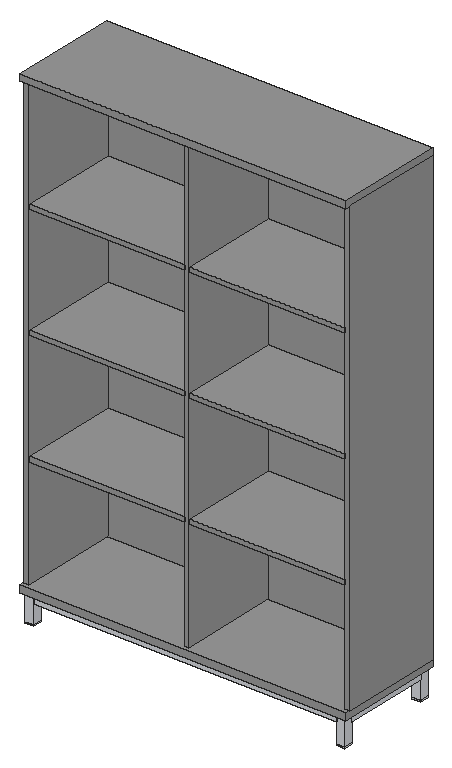
Revit family "Open Fronted Modular Storage With Wooden Door Options", category Furniture, Revit 2019
Family settings
  OmniClass Number = 23.40.20.00
  OmniClass Title = General Furniture and Specialties
  Work Plane-Based = No
  Always vertical = Yes
  Cut with Voids When Loaded = No
  Shared = No
  Room Calculation Point = No
Parameters (values of type "BOF18Z")
  Width = 1200 mm
  URL = "www.gof.co.uk"
  Shelves = Gresham - MIDNIGHT ASH
  Range = "STORAGE"
  Product Data Specification = ""
  Product Code = "BOF18Z"
  Product Brochure = ""
  Model = "BOOKCASE"
  Manufacturer = "Gresham Office Furniture"  # constant formula
  Height = 1816 mm
  HD4 - Level 1 [instance] = no
  HD3 - Level 1 [instance] = no
  HD2 - Level 3 [instance] = no
  HD2 - Level 1 [instance] = no
  HD1 - Level 4 [instance] = no
  HD1 - Level 3 [instance] = no
  HD1 - Level 2 [instance] = no
  HD1 - Level 1 [instance] = no
  Doors = Gresham - PLUM
  Carcass = Gresham - MIDNIGHT ASH VERTICAL
  Depth = 400 mm
  BOF18Z Shelves = yes
  BOF10Z Shelves = yes
  BOF14Z Shelves = yes
Reference planes
  plane 1 "Center (Front/Back)": y = 0
  plane 2: z = 0
  plane 3 "Center (Left/Right)": x = 0
  plane 4: x = -600
  plane 5: x = 600
  plane 6: y = 200
  plane 7 "Front": y = -200
  plane 8 "Storage Top": z = 1816
  plane 9: z = 1803.5
  plane 10 "Door Front": y = -182
  plane 11: z = 112.5
  plane 12: z = 1791
  plane 13: z = 1400
  plane 14: z = 984
  plane 15: z = 959
  plane 16: z = 1375
  plane 17: z = 125
  plane 18: z = 100
Forms (mm)
  Extrusion 1, solid, material "Gresham - MIDNIGHT ASH VERTICAL" <- "Carcass"
    sketch origin (0, -5.525, 5) x (-1, 0, 0) y (0, -1, 0)
      loop
        line (582, -205.525) -> (582, -187.525) -> (-582, -187.525) -> (-582, -205.525) -> (582, -205.525)
    from 120 to 1786
  Extrusion 2, solid, material "Gresham - MIDNIGHT ASH VERTICAL" <- "Carcass"
    sketch origin (0, 0, 0) x (1, 0, 0) y (0, 1, 0)
      loop
        line (-600, 200) -> (-600, -182) -> (-582, -182) -> (-582, 200) -> (-600, 200)
      loop
        line (600, 200) -> (582, 200) -> (582, -182) -> (600, -182) -> (600, 200)
    from 125 to 1791
  Extrusion 3, solid, material "Gresham - MIDNIGHT ASH VERTICAL"
    sketch origin (0, 7, -5) x (0, 1, 0) y (0, 0, 1)
      loop
        line (-207, 1796) -> (193, 1796) -> (193, 1821) -> (-207, 1821) -> (-207, 1796)
    from -600 to 600
  Extrusion 4, solid, material "Gresham - MIDNIGHT ASH VERTICAL" <- "Carcass"
    sketch origin (0, -6.874, 39) x (0, 1, 0) y (0, 0, 1)
      loop
        line (-193.126, 61) -> (206.874, 61) -> (206.874, 86) -> (-193.126, 86) -> (-193.126, 61)
    from -600 to 600
  Extrusion 5, solid, material "Gresham - MIDNIGHT ASH VERTICAL" <- "Carcass"
    sketch origin (-8.088, 0, 0) x (1, 0, 0) y (0, 1, 0)
      loop
        line (17.088, 182) -> (-0.912, 182) -> (-0.912, -182) -> (17.088, -182) -> (17.088, 182)
    from 125 to 1791
  Extrusion 6, solid, material "Gresham - MIDNIGHT ASH" <- "Shelves", visible <- "BOF10Z Shelves"
    sketch origin (0, -6, -27.312) x (0, 1, 0) y (0, 0, -1)
      loop
        line (188, -578.312) -> (188, -560.312) -> (-176, -560.312) -> (-176, -578.312) -> (188, -578.312)
    from -582 to -9
  Extrusion 7, solid, material "Gresham - MIDNIGHT ASH" <- "Shelves", visible <- "BOF10Z Shelves"
    sketch origin (0, -6, -27.312) x (0, 1, 0) y (0, 0, 1)
      loop
        line (188, 578.312) -> (-176, 578.312) -> (-176, 560.312) -> (188, 560.312) -> (188, 578.312)
    from -582 to -9
  Extrusion 8, solid, material "Gresham - MIDNIGHT ASH" <- "Shelves", visible <- "BOF14Z Shelves"
    sketch origin (0, -6, 667.022) x (0, 1, 0) y (0, 0, -1)
      loop
        line (188, -716.978) -> (188, -698.978) -> (-176, -698.978) -> (-176, -716.978) -> (188, -716.978)
    from -582 to -9
  Extrusion 9, solid, material "Gresham - MIDNIGHT ASH" <- "Shelves", visible <- "BOF14Z Shelves"
    sketch origin (0, -6, 667.022) x (0, 1, 0) y (0, 0, 1)
      loop
        line (188, 716.978) -> (-176, 716.978) -> (-176, 698.978) -> (188, 698.978) -> (188, 716.978)
    from -582 to -9
  Extrusion 10, solid, material "Gresham - MIDNIGHT ASH" <- "Shelves", visible <- "BOF14Z Shelves"
    sketch origin (0, -6, 389.188) x (0, 1, 0) y (0, 0, -1)
      loop
        line (188, -578.312) -> (188, -560.312) -> (-176, -560.312) -> (-176, -578.312) -> (188, -578.312)
    from -582 to -9
  Extrusion 11, solid, material "Gresham - MIDNIGHT ASH" <- "Shelves", visible <- "BOF14Z Shelves"
    sketch origin (0, -6, 389.188) x (0, 1, 0) y (0, 0, 1)
      loop
        line (188, 578.312) -> (-176, 578.312) -> (-176, 560.312) -> (188, 560.312) -> (188, 578.312)
    from -582 to -9
Dimensions and locks
  equal spacing: plane 4, plane 3 "Center (Left/Right)", plane 5
  "Width": plane 4 to plane 5
  equal spacing: plane 6, plane 1 "Center (Front/Back)", plane 7 "Front"
  locked: Extrusion 2 to Extrusion 2 at 18  (x2)
  Extrusion 3 sketch curve to Extrusion 3 sketch curve = 25 mm
  "Depth": plane 6 to plane 7 "Front"
  Extrusion 2 to plane 7 "Front" = 18 mm
  "Height": plane 8 "Storage Top" to plane 2
  locked: Extrusion 3 to Extrusion 3 at 25
  locked: Extrusion 1 to Extrusion 1 at 18
  locked: plane 8 "Storage Top" to plane 9 at 12.5
  equal spacing: Extrusion 5, plane 3 "Center (Left/Right)", Extrusion 5
  locked: Extrusion 5 to Extrusion 5 at 18
  locked: plane 10 "Door Front" to plane 7 "Front" at 18
  Extrusion 4 sketch curve to Extrusion 4 sketch curve = 25 mm
  equal spacing: Extrusion 4, plane 11, Extrusion 4
  locked: Extrusion 4 to Extrusion 4 at 25
  locked: plane 11 to level at 112.5
  locked: plane 8 "Storage Top" to plane 12 at 25
  plane 12 to plane 11 = 1678.5 mm  (x2)
  locked: plane 13 to level at 1400
  locked: plane 14 to level at 984
  locked: plane 14 to plane 15 at 25
  locked: plane 13 to plane 16 at 25
  locked: plane 17 to plane 18 at 25
  locked: Extrusion 6 to Extrusion 6 at 18  (x2)
  locked: Extrusion 7 to Extrusion 7 at 18  (x2)
  locked: Extrusion 8 to Extrusion 8 at 18  (x2)
  locked: Extrusion 9 to Extrusion 9 at 18  (x2)
  locked: Extrusion 10 to Extrusion 10 at 18  (x2)
  locked: Extrusion 11 to Extrusion 11 at 18  (x2)
  plane 12 to nested 7 = 4 mm
  aligned and locked: level to plane 2
  aligned and locked: Extrusion 2 to plane 5
  aligned and locked: Extrusion 2 to plane 4
  aligned and locked: Extrusion 2 to Extrusion 1
  aligned and locked: Extrusion 1 to Extrusion 2  (x3)
  aligned and locked: Extrusion 3 to plane 5
  aligned and locked: Extrusion 3 to plane 4
  aligned and locked: Extrusion 2 to Extrusion 3
  aligned and locked: Extrusion 3 to plane 7 "Front"
  aligned and locked: plane 8 "Storage Top" to Extrusion 3
  aligned and locked: plane 6 to Extrusion 3
  aligned and locked: plane 6 to Extrusion 2  (x2)
  aligned and locked: plane 6 to Extrusion 1
  aligned and locked: plane 6 to Extrusion 4
  aligned and locked: Extrusion 5 sketch curve to Extrusion 1
  aligned and locked: Extrusion 1 to Extrusion 5  (x2)
  aligned and locked: Extrusion 4 to plane 7 "Front"
Automatic sketch dimensions
  Extrusion 1 sketch curve to plane 6 = 0 mm
  plane 5 to Extrusion 1 sketch curve = 18 mm
  plane 4 to Extrusion 1 sketch curve = 18 mm
  Extrusion 1 sketch curve to Extrusion 1 sketch curve = 18 mm
  Extrusion 2 sketch curve to plane 4 = 0 mm
  Extrusion 2 sketch curve to plane 6 = 0 mm  (x2)
  plane 10 "Door Front" to Extrusion 2 sketch curve = 0 mm  (x2)
  Extrusion 2 sketch curve to plane 5 = 0 mm
  plane 4 to Extrusion 2 sketch curve = 18 mm
  plane 5 to Extrusion 2 sketch curve = 18 mm
  Extrusion 3 sketch curve to plane 7 "Front" = 0 mm
  Extrusion 3 sketch curve to plane 6 = 0 mm
  Extrusion 3 sketch curve to plane 12 = 0 mm
  Extrusion 4 sketch curve to plane 7 "Front" = 0 mm
  Extrusion 4 sketch curve to plane 6 = 0 mm
  Extrusion 4 sketch curve to plane 18 = 0 mm
  plane 10 "Door Front" to Extrusion 5 sketch curve = 0 mm
  Extrusion 5 sketch curve to plane 3 "Center (Left/Right)" = 9 mm
  plane 3 "Center (Left/Right)" to Extrusion 5 sketch curve = 9 mm
  Extrusion 6 sketch curve to plane 10 "Door Front" = 0 mm
  Extrusion 6 sketch curve to plane 6 = 18 mm
  Extrusion 6 sketch curve to plane 15 = 408 mm
  Extrusion 6 sketch curve to Extrusion 6 sketch curve = 18 mm
  Extrusion 7 sketch curve to plane 10 "Door Front" = 0 mm
  Extrusion 7 sketch curve to plane 6 = 18 mm
  plane 17 to Extrusion 7 sketch curve = 408 mm
  Extrusion 7 sketch curve to Extrusion 7 sketch curve = 18 mm
  Extrusion 8 sketch curve to plane 10 "Door Front" = 0 mm
  Extrusion 8 sketch curve to plane 6 = 18 mm
  Extrusion 8 sketch curve to plane 16 = 9 mm
  plane 16 to Extrusion 8 sketch curve = 9 mm
  Extrusion 9 sketch curve to plane 10 "Door Front" = 0 mm
  Extrusion 9 sketch curve to plane 6 = 18 mm
  plane 16 to Extrusion 9 sketch curve = 9 mm
  Extrusion 9 sketch curve to plane 16 = 9 mm
  Extrusion 10 sketch curve to plane 10 "Door Front" = 0 mm
  Extrusion 10 sketch curve to plane 6 = 18 mm
  plane 15 to Extrusion 10 sketch curve = 8.5 mm
  Extrusion 10 sketch curve to plane 15 = 9.5 mm
  Extrusion 11 sketch curve to plane 10 "Door Front" = 0 mm
  Extrusion 11 sketch curve to plane 6 = 18 mm
  Extrusion 11 sketch curve to plane 15 = 9.5 mm
  plane 15 to Extrusion 11 sketch curve = 8.5 mm
Nested families
  nested 1: "Modular Storage Frame" at (0, 0, 0), type "Modular Storage Frame"
  nested 2: "Hinged Locking Wooden Doors - HD1 - Level 1" at (0, 0, 0), visible <- "HD1 - Level 1", type "Hinged Locking Wooden Doors - HD1 - Level 1"
    with Handle Type D no, Handle Type C yes
  nested 3: "Hinged Locking Wooden Doors - HD1 - Level 3" at (0, 0, 0), type "Hinged Locking Wooden Doors - HD1 - Level 3", not visible
    with Handle Type D no, Handle Type C no, Handle Type B no
  nested 4: "Hinged Locking Wooden Doors - HD1 - Level 2" at (0, 0, 0), visible <- "HD1 - Level 2", type "Hinged Locking Wooden Doors - HD1 - Level 2"
    with Handle Type D no, Handle Type C yes, Handle Type B no
  nested 5: "Hinged Locking Wooden Doors - HD1 - Level 4" at (0, 0, 0), visible <- "HD1 - Level 4", type "Hinged Locking Wooden Doors - HD1 - Level 4"
    with Handle Type D no, Handle Type C yes, Handle Type B no
  nested 6: "Hinged Locking Wooden Doors - HD1 - Level 3" at (0, 0, 0), visible <- "HD1 - Level 3", type "Hinged Locking Wooden Doors - HD1 - Level 3"
    with Handle Type D no, Handle Type C yes, Handle Type B no
  nested 7: "Hinged Locking Wooden Doors - HD2 - Level 3" at (0, 0, 0), visible <- "HD2 - Level 3", type "Hinged Locking Wooden Doors - HD2 - Level 3"
    with Handle Type D no, Handle Type C yes, Handle Type B no
  nested 8: "Hinged Locking Wooden Doors - HD2 - Level 1" at (0, 0, 0), visible <- "HD2 - Level 1", type "Hinged Locking Wooden Doors - HD2 - Level 1"
  nested 9: "Hinged Locking Wooden Doors - HD3 - Level 1" at (0, 0, 0), visible <- "HD3 - Level 1", type "Hinged Locking Wooden Doors - HD3 - Level 1"
    with Handle Type D no, Handle Type C yes, Handle Type B no
  nested 10: "Hinged Locking Wooden Doors - HD4 - Level 1" at (0, 0, 0), visible <- "HD4 - Level 1", type "Hinged Locking Wooden Doors - HD4 - Level 1"
Definition of nested family "Modular Storage Frame"
  Parameters (values of type "Modular Storage Frame")
    Width = 1180 mm
    URL = "www.gof.co.uk"
    Frame = none
    Range = "STORAGE"
    Product Data Specification = ""
    Product Code = ""
    Product Brochure = ""
    Model = "MODULAR STORAGE"
    Manufacturer = "Gresham Office Furniture"  # constant formula
    Foot = none
    Depth = 380 mm
  Reference planes
    plane 1 "Center (Front/Back)": y = 0
    plane 2: z = 0
    plane 3 "Center (Left/Right)": x = 0
    plane 4: x = -590
    plane 5: x = 590
    plane 6: y = 190
    plane 7: y = -190
  Forms (mm)
    Extrusion 1, solid, material <- "Frame"
      sketch origin (76, -5.525, 0) x (-1, 0, 0) y (0, -1, 0)
        loop
          line (634, -195.525) -> (634, -170.525) -> (-482, -170.525) -> (-482, -195.525) -> (634, -195.525)
        loop
          line (634, 184.475) -> (-482, 184.475) -> (-482, 159.475) -> (634, 159.475) -> (634, 184.475)
        loop
          line (-514, -163.525) -> (-489, -163.525) -> (-489, 152.475) -> (-514, 152.475) -> (-514, -163.525)
        loop
          line (666, -163.525) -> (666, 152.475) -> (641, 152.475) -> (641, -163.525) -> (666, -163.525)
      from 75 to 100
    Extrusion 2, solid, material <- "Frame"
      sketch origin (0, 0, 0) x (1, 0, 0) y (0, 1, 0)
        loop
          line (590, -190) -> (590, -158) -> (558, -158) -> (558, -190) -> (590, -190)
        loop
          line (590, 190) -> (558, 190) -> (558, 158) -> (590, 158) -> (590, 190)
        loop
          line (-590, -190) -> (-558, -190) -> (-558, -158) -> (-590, -158) -> (-590, -190)
        loop
          line (-590, 190) -> (-590, 158) -> (-558, 158) -> (-558, 190) -> (-590, 190)
      from 5 to 100
    Extrusion 3, solid, material <- "Foot"
      sketch origin (0, 0, 0) x (1, 0, 0) y (0, 1, 0)
        loop
          line (590, 190) -> (558, 190) -> (558, 158) -> (590, 158) -> (590, 190)
        loop
          line (590, -158) -> (558, -158) -> (558, -190) -> (590, -190) -> (590, -158)
        loop
          line (-590, -190) -> (-558, -190) -> (-558, -158) -> (-590, -158) -> (-590, -190)
        loop
          line (-590, 190) -> (-590, 158) -> (-558, 158) -> (-558, 190) -> (-590, 190)
      from 0 to 5
  Dimensions and locks
    equal spacing: plane 4, plane 3 "Center (Left/Right)", plane 5
    "Width": plane 4 to plane 5
    equal spacing: plane 6, plane 1 "Center (Front/Back)", plane 7
    "Depth": plane 6 to plane 7
    Extrusion 2 sketch curve to Extrusion 2 sketch curve = 32 mm  (x7)
    locked: Extrusion 1 to Extrusion 1 at 25
    locked: Extrusion 2 to plane 5 at 32  (x2)
    locked: Extrusion 2 to Extrusion 2 at 32
    locked: plane 6 to Extrusion 2 at 32  (x2)
    locked: plane 4 to Extrusion 2 at 32  (x2)
    locked: Extrusion 2 to plane 7 at 32
    locked: Extrusion 1 to plane 5 at 25
    locked: plane 4 to Extrusion 1 at 25
    Extrusion 1 to plane 2 = 100 mm
    aligned and locked: level to plane 2
    aligned and locked: Extrusion 2 to Extrusion 1
    aligned and locked: plane 6 to Extrusion 1
    aligned and locked: Extrusion 1 sketch curve to Extrusion 2
    aligned and locked: Extrusion 2 to Extrusion 1 sketch curve
  Automatic sketch dimensions
    Extrusion 1 sketch curve to plane 5 = 0 mm
    Extrusion 1 sketch curve to plane 7 = 0 mm
    Extrusion 1 sketch curve to plane 4 = 0 mm
    Extrusion 1 sketch curve to plane 6 = 0 mm
    Extrusion 1 sketch curve to Extrusion 1 sketch curve = 7 mm  (x5)
    plane 4 to Extrusion 1 sketch curve = 32 mm
    Extrusion 1 sketch curve to Extrusion 1 sketch curve = 25 mm  (x2)
    plane 7 to Extrusion 1 sketch curve = 32 mm  (x2)
    Extrusion 3 sketch curve to plane 4 = 0 mm  (x2)
    Extrusion 3 sketch curve to plane 7 = 0 mm  (x2)
    Extrusion 3 sketch curve to plane 6 = 0 mm  (x2)
    Extrusion 3 sketch curve to plane 5 = 0 mm  (x2)
    Extrusion 3 sketch curve to Extrusion 3 sketch curve = 32 mm  (x5)
    plane 7 to Extrusion 3 sketch curve = 32 mm
    Extrusion 3 sketch curve to plane 6 = 32 mm  (x2)
    Extrusion 2 sketch curve to plane 4 = 0 mm  (x2)
    Extrusion 2 sketch curve to plane 6 = 0 mm  (x2)
    Extrusion 2 sketch curve to plane 7 = 0 mm  (x2)
    Extrusion 2 sketch curve to plane 5 = 0 mm  (x2)
    Extrusion 2 sketch curve to Extrusion 2 sketch curve = 32 mm
Definition of nested family "Hinged Locking Wooden Doors - HD1 - Level 1"
  Parameters (values of type "Hinged Locking Wooden Doors - HD1 - Level 1")
    Width = 1200 mm
    URL = "www.gof.co.uk"
    Shelves = none
    Range = "STORAGE"
    Product Data Specification = ""
    Product Code = "HD1"
    Product Brochure = ""
    Model = "BOOKCASE"
    Manufacturer = "Gresham Office Furniture"  # constant formula
    Height = 1816 mm
    Handle Type D [instance] = no
    Handle Type C [instance] = yes
    Handle Type B [instance] = no
    HD1 - Lock = yes
    Doors = none
    Carcass = none
    Depth = 400 mm
  Reference planes
    plane 1 "Center (Front/Back)": y = 0
    plane 2: z = 0
    plane 3 "Center (Left/Right)": x = 0
    plane 4: x = -600
    plane 5: x = 600
    plane 6: y = 200
    plane 7 "Front": y = -200
    plane 8 "Storage Top": z = 1816
    plane 9: z = 1803.5
    plane 10 "Door Front": y = -182
    plane 11: z = 112.5
    plane 12: z = 1791
    plane 13: z = 1400
    plane 14: z = 984
    plane 15: z = 959
    plane 16: z = 1375
    plane 17: z = 125
    plane 18: z = 100
  Forms (mm)
    Extrusion 1, solid, material <- "Doors", visible <- "HD1 - Lock"
      sketch origin (-839.743, -182, 703.9) x (1, 0, 0) y (0, 0, 1)
        loop
          line (840.743, -575.4) -> (1439.743, -575.4) -> (1439.743, -163.4) -> (840.743, -163.4) -> (840.743, -575.4)
      from 0 to 18
    Extrusion 2, solid, visible <- "HD1 - Lock"
      sketch origin (0, 0, 0) x (-1, 0, 0) y (0, 0, -1)
        loop
          circle (-43, -457) r 10
      from 200 to 202
    Extrusion 3, solid, material <- "Doors", visible <- "HD1 - Lock"
      sketch origin (839.743, -182, 703.9) x (-1, 0, 0) y (0, 0, -1)
        loop
          line (840.743, 575.4) -> (840.743, 163.4) -> (1439.743, 163.4) -> (1439.743, 575.4) -> (840.743, 575.4)
      from 0 to 18
    Extrusion 4, solid, visible <- "HD1 - Lock"
      sketch origin (0, 0, 0) x (1, 0, 0) y (0, 0, 1)
        loop
          circle (-43, 457) r 10
      from 200 to 202
  Dimensions and locks
    equal spacing: plane 4, plane 3 "Center (Left/Right)", plane 5
    "Width": plane 4 to plane 5
    equal spacing: plane 6, plane 1 "Center (Front/Back)", plane 7 "Front"
    "Depth": plane 6 to plane 7 "Front"
    "Height": plane 8 "Storage Top" to plane 2
    locked: plane 8 "Storage Top" to plane 9 at 12.5
    locked: plane 10 "Door Front" to plane 7 "Front" at 18
    locked: plane 11 to level at 112.5
    locked: plane 8 "Storage Top" to plane 12 at 25
    plane 12 to plane 11 = 1678.5 mm  (x2)
    locked: plane 13 to level at 1400
    locked: plane 14 to level at 984
    locked: plane 14 to plane 15 at 25
    locked: plane 13 to plane 16 at 25
    locked: plane 17 to plane 18 at 25
    locked: Extrusion 1 to Extrusion 1 at 412
    locked: Extrusion 1 to Extrusion 1 at 18
    locked: Extrusion 1 sketch curve to plane 3 "Center (Left/Right)" at 1
    locked: Extrusion 1 to nested 1 at 83.5
    locked: Extrusion 1 to nested 2 at 99
    locked: Extrusion 1 to nested 2 at 83.5
    locked: Extrusion 1 to nested 1 at 99
    locked: Extrusion 1 to nested 3 at 83.5
    locked: Extrusion 1 to nested 3 at 99
    locked: Extrusion 3 to Extrusion 3 at 412
    locked: Extrusion 3 to Extrusion 3 at 18
    locked: Extrusion 3 to nested 3 at 83.5
    locked: Extrusion 3 to nested 6 at 99
    locked: Extrusion 3 to nested 6 at 83.5
    locked: Extrusion 3 to nested 4 at 83.5
    locked: Extrusion 3 to nested 4 at 99
    locked: Extrusion 3 to nested 5 at 83.5
    locked: Extrusion 3 to nested 5 at 99
    locked: Extrusion 1 to plane 17 at 3.5
    aligned and locked: level to plane 2
    aligned and locked: Extrusion 2 sketch curve to nested 1
    aligned and locked: nested 6 to Extrusion 4 sketch curve
  Automatic sketch dimensions
    plane 5 to Extrusion 1 sketch curve = 0 mm
    plane 17 to Extrusion 1 sketch curve = 3.5 mm
    Extrusion 1 sketch curve to Extrusion 1 sketch curve = 412 mm
    Extrusion 2 sketch curve to plane 3 "Center (Left/Right)" = 43 mm
    Extrusion 3 sketch curve to plane 4 = 0 mm
    Extrusion 3 sketch curve to plane 3 "Center (Left/Right)" = 1 mm
    plane 17 to Extrusion 3 sketch curve = 415.5 mm
    plane 17 to Extrusion 3 sketch curve = 3.5 mm
    Extrusion 4 sketch curve to plane 3 "Center (Left/Right)" = 43 mm
    radius of Extrusion 2 sketch curve = 10 mm
    radius of Extrusion 4 sketch curve = 10 mm
  Nested families
    nested 1: "Handle Type C-1" at (175, -200, -524.138) x (-1, 0, 0) z (0, 0, 1), visible <- "Handle Type C", type "Handle Type C-1"
    nested 2: "Handle Type B-1" at (175, -200, -537.578) x (-1, 0, 0) z (0, 0, 1), visible <- "Handle Type B", type "Handle Type B-1"
    nested 3: "Handle Type D-1" at (175, -200, -537.578) x (-1, 0, 0) z (0, 0, 1), visible <- "Handle Type D", type "Handle Type D-1"
    nested 4: "Handle Type C-1" at (-175, -200, -524.138), visible <- "Handle Type C", type "Handle Type C-1"
    nested 5: "Handle Type B-1" at (-175, -200, -537.578), visible <- "Handle Type B", type "Handle Type B-1"
    nested 6: "Handle Type D-1" at (-175, -200, -537.578), visible <- "Handle Type D", type "Handle Type D-1"
  Definition of nested family "Handle Type C-1"
    Parameters (values of type "Handle Type C-1")
      URL = "www.gof.co.uk"
      Type Comments = ""
      Range = "STORAGE"
      Handle Type C = none
      Product Code = "Handle Type C"
      Model = ""
      Manufacturer = "Gresham Office Furniture"  # constant formula
      Assembly Code = "E2020200"
    Reference planes
      plane 1 "Center (Front/Back)": y = 0
      plane 2: z = 0
      plane 3 "Center (Left/Right)": x = 0
      plane 4: x = -475
      plane 5: x = 475
      plane 6 "Storage Top": z = 2007
      plane 7: y = 260
      plane 8: y = -260
    Forms (mm)
      Extrusion 1, void
        sketch origin (981.138, 0, 981.138) x (0, 1, 0) y (-1, 0, 0)
          loop
            line (0, 1072) -> (0, 884.5) -> (27.401, 884.5) -> (27.401, 1072) -> (0, 1072)
        from -12.204 to 11.22
      Sweep 2, solid, material <- "Handle Type C"
        path in 3D
          loop
            arc (-78.75, 3.75, 981.138) -> (0, -30, 981.138) -> (78.75, 3.75, 981.138) r 108.75
        profile origin (0, -30, 981.138) x (0, 1, 0) y (0, 0, 1)
          loop
            circle (0, 0) r 5
    Cuts and joins
      Extrusion 1 cuts Sweep 2
    Lines and regions (mm)
      model lines, detail levels coarse+medium
        curve 1: line (68, 0, 981.138) -> (-68, 0, 981.138)
      model lines, not visible, detail levels coarse+medium
        curve 2: line (0, 0, 986.138) -> (0, 0, 976.138)
      model lines, not visible
        curve 3: line (0, 0, 981.138) -> (0, -30, 981.138)
        curve 5: line (-75, 0, 976.138) -> (-75, 0, 986.138)
        curve 6: line (75, 0, 986.138) -> (75, 0, 976.138)
      sketch lines
        curve 4: arc (-78.75, 3.75, 981.138) -> (0, -30, 981.138) -> (78.75, 3.75, 981.138) r 108.75
    Dimensions and locks
      equal spacing: plane 4, plane 3 "Center (Left/Right)", plane 5
      locked: plane 4 to plane 5 at 950
      equal spacing: plane 7, plane 1 "Center (Front/Back)", plane 8
      locked: plane 7 to plane 8 at 520
      aligned and locked: level to plane 2
    Automatic sketch dimensions
      curve 3 to plane 1 "Center (Front/Back)" = 0 mm
      plane 1 "Center (Front/Back)" to curve 3 = 30 mm
      curve 2 to plane 3 "Center (Left/Right)" = 0 mm
      level to curve 2 = 976.138 mm
      curve 1 to plane 3 "Center (Left/Right)" = 68 mm
      curve 5 to curve 1 = 7 mm
      plane 3 "Center (Left/Right)" to curve 1 = 68 mm
      curve 1 to curve 6 = 7 mm
      curve 6 to curve 2 = 0 mm
      curve 5 to curve 2 = 0 mm
      curve 5 to curve 1 = 5 mm
      curve 1 to curve 6 = 5 mm
      curve 1 to curve 5 = 5 mm
      curve 2 to curve 2 = 10 mm
      plane 1 "Center (Front/Back)" to Extrusion 1 sketch curve = 0 mm
      Extrusion 1 sketch curve to plane 1 "Center (Front/Back)" = 27.401 mm
      plane 3 "Center (Left/Right)" to Extrusion 1 sketch curve = 96.638 mm
      Extrusion 1 sketch curve to plane 3 "Center (Left/Right)" = 90.862 mm
      Sweep 2 sketch curve to profile plane = 0 mm  (x2)
      level to curve 3 = 981.138 mm
      radius of Sweep 2 sketch curve = 5 mm
  Definition of nested family "Handle Type B-1"
    Parameters (values of type "Handle Type B-1")
      URL = "www.gof.co.uk"
      Type Comments = ""
      Range = "STORAGE"
      Handle Type B = none
      Product Code = "Handle Type B"
      Model = ""
      Manufacturer = "Gresham Office Furniture"  # constant formula
      Assembly Code = "E2020200"
    Reference planes
      plane 1 "Center (Front/Back)": y = 0
      plane 2: z = 0
      plane 3 "Center (Left/Right)": x = 0
      plane 4: x = -475
      plane 5: x = 475
      plane 6: y = 260
      plane 7: y = -260
    Forms (mm)
      Extrusion 1, void
        sketch origin (872.923, -128.373, 994.578) x (0, 1, 0) y (-1, 0, 0)
          loop
            line (71.667, 873.923) -> (71.667, 872.291) -> (97.075, 872.291) -> (97.075, 873.923) -> (71.667, 873.923)
        from -6 to 6
      Extrusion 2, solid
        sketch origin (988.138, 0, 994.578) x (0, 0, 1) y (-1, 0, 0)
          loop
            circle (0, 1063.138) r 4
          loop
            circle (0, 913.138) r 4
        from 0 to 10.354
      Sweep 3, solid
        path in 3D
          loop
            arc (-85, -5, 994.578) -> (0, -30, 994.578) -> (85, -5, 994.578) r 157
        profile origin (0, -30, 994.578) x (0, 1, 0) y (0, 0, 1)
          loop
            spline (0, 7.5) -> (-0.776, 7.244) -> (-1.5, 6.495) -> (-2.121, 5.303) -> (-2.598, 3.75) -> (-2.898, 1.941) -> (-3, 0) -> (-2.898, -1.941) -> (-2.598, -3.75) -> (-2.121, -5.303) -> (-1.5, -6.495) -> (-0.776, -7.244) -> (0, -7.5)
            spline (0, -7.5) -> (0.776, -7.244) -> (1.5, -6.495) -> (2.121, -5.303) -> (2.598, -3.75) -> (2.898, -1.941) -> (3, 0) -> (2.898, 1.941) -> (2.598, 3.75) -> (2.121, 5.303) -> (1.5, 6.495) -> (0.776, 7.244) -> (0, 7.5)
      Extrusion 4, void
        sketch origin (867.923, -128.373, 994.578) x (0, 1, 0) y (-1, 0, 0)
          loop
            line (71.667, 873.923) -> (71.667, 872.291) -> (97.075, 872.291) -> (97.075, 873.923) -> (71.667, 873.923)
        from -6 to 6
      Extrusion 5, void
        sketch origin (862.923, -128.373, 994.578) x (0, 1, 0) y (-1, 0, 0)
          loop
            line (71.667, 873.923) -> (71.667, 872.291) -> (98.373, 872.291) -> (98.373, 873.923) -> (71.667, 873.923)
        from -6 to 6
      Extrusion 6, void
        sketch origin (857.923, -128.373, 994.578) x (0, 1, 0) y (-1, 0, 0)
          loop
            line (71.667, 873.923) -> (71.667, 872.291) -> (98.373, 872.291) -> (98.373, 873.923) -> (71.667, 873.923)
        from -6 to 6
      Extrusion 7, void
        sketch origin (852.923, -128.373, 994.578) x (0, 1, 0) y (-1, 0, 0)
          loop
            line (71.667, 873.923) -> (71.667, 872.291) -> (98.842, 872.291) -> (98.842, 873.923) -> (71.667, 873.923)
        from -6 to 6
      Extrusion 8, void
        sketch origin (847.923, -128.373, 994.578) x (0, 1, 0) y (-1, 0, 0)
          loop
            line (71.667, 873.923) -> (71.667, 872.291) -> (99.385, 872.291) -> (99.385, 873.923) -> (71.667, 873.923)
        from -6 to 6
      Extrusion 9, void
        sketch origin (842.923, -128.373, 994.578) x (0, 1, 0) y (-1, 0, 0)
          loop
            line (71.667, 873.923) -> (71.667, 872.291) -> (100.2, 872.291) -> (100.2, 873.923) -> (71.667, 873.923)
        from -6 to 6
      Extrusion 10, void
        sketch origin (837.923, -128.373, 994.578) x (0, 1, 0) y (-1, 0, 0)
          loop
            line (71.667, 873.923) -> (71.667, 872.291) -> (100.984, 872.291) -> (100.984, 873.923) -> (71.667, 873.923)
        from -6 to 6
      Extrusion 11, void
        sketch origin (832.923, -128.373, 994.578) x (0, 1, 0) y (-1, 0, 0)
          loop
            line (71.667, 873.923) -> (71.667, 872.291) -> (102.35, 872.291) -> (102.35, 873.923) -> (71.667, 873.923)
        from -6 to 6
      Extrusion 12, void
        sketch origin (-867.923, -128.373, 994.578) x (0, 1, 0) y (-1, 0, 0)
          loop
            line (71.667, -873.923) -> (97.075, -873.923) -> (97.075, -872.291) -> (71.667, -872.291) -> (71.667, -873.923)
        from -6 to 6
      Extrusion 13, void
        sketch origin (-862.923, -128.373, 994.578) x (0, 1, 0) y (-1, 0, 0)
          loop
            line (71.667, -873.923) -> (98.373, -873.923) -> (98.373, -872.291) -> (71.667, -872.291) -> (71.667, -873.923)
        from -6 to 6
      Extrusion 14, void
        sketch origin (-857.923, -128.373, 994.578) x (0, 1, 0) y (-1, 0, 0)
          loop
            line (71.667, -873.923) -> (98.373, -873.923) -> (98.373, -872.291) -> (71.667, -872.291) -> (71.667, -873.923)
        from -6 to 6
      Extrusion 15, void
        sketch origin (-852.923, -128.373, 994.578) x (0, 1, 0) y (-1, 0, 0)
          loop
            line (71.667, -873.923) -> (98.842, -873.923) -> (98.842, -872.291) -> (71.667, -872.291) -> (71.667, -873.923)
        from -6 to 6
      Extrusion 16, void
        sketch origin (-847.923, -128.373, 994.578) x (0, 1, 0) y (-1, 0, 0)
          loop
            line (71.667, -873.923) -> (99.385, -873.923) -> (99.385, -872.291) -> (71.667, -872.291) -> (71.667, -873.923)
        from -6 to 6
      Extrusion 17, void
        sketch origin (-842.923, -128.373, 994.578) x (0, 1, 0) y (-1, 0, 0)
          loop
            line (71.667, -873.923) -> (100.2, -873.923) -> (100.2, -872.291) -> (71.667, -872.291) -> (71.667, -873.923)
        from -6 to 6
      Extrusion 18, void
        sketch origin (-837.923, -128.373, 994.578) x (0, 1, 0) y (-1, 0, 0)
          loop
            line (71.667, -873.923) -> (100.984, -873.923) -> (100.984, -872.291) -> (71.667, -872.291) -> (71.667, -873.923)
        from -6 to 6
      Extrusion 19, void
        sketch origin (-832.923, -128.373, 994.578) x (0, 1, 0) y (-1, 0, 0)
          loop
            line (71.667, -873.923) -> (102.35, -873.923) -> (102.35, -872.291) -> (71.667, -872.291) -> (71.667, -873.923)
        from -6 to 6
    Cuts and joins
      Extrusion 1, Extrusion 4, Extrusion 5, Extrusion 6, Extrusion 7, Extrusion 8, Extrusion 9, Extrusion 10, Extrusion 11, Extrusion 12, Extrusion 13, Extrusion 14, Extrusion 15, Extrusion 16, Extrusion 17, Extrusion 18, Extrusion 19 cuts Sweep 3
    Lines and regions (mm)
      model lines, not visible, detail levels coarse+medium
        curve 1: line (75, 0, 999.578) -> (75, 0, 989.578)
      model lines, not visible
        curve 2: line (-75, 0, 999.578) -> (-75, 0, 989.578)
        curve 4: line (0, 0, 994.578) -> (0, -30, 994.578)
        curve 6: line (0, 0, 999.578) -> (0, 0, 989.578)
      model lines
        curve 3: line (-75, 0, 994.578) -> (75, 0, 994.578)
      sketch lines
        curve 5: arc (-85, -5, 994.578) -> (0, -30, 994.578) -> (85, -5, 994.578) r 157
    Dimensions and locks
      equal spacing: plane 4, plane 3 "Center (Left/Right)", plane 5
      locked: plane 4 to plane 5 at 950
      equal spacing: plane 6, plane 1 "Center (Front/Back)", plane 7
      locked: plane 6 to plane 7 at 520
      aligned and locked: level to plane 2
    Automatic sketch dimensions
      curve 4 to curve 4 = 30 mm
      curve 6 to plane 3 "Center (Left/Right)" = 0 mm
      plane 3 "Center (Left/Right)" to curve 1 = 75 mm
      level to curve 1 = 989.578 mm
      curve 3 to plane 3 "Center (Left/Right)" = 75 mm
      curve 2 to curve 1 = 0 mm
      curve 6 to curve 1 = 0 mm
      curve 2 to curve 3 = 5 mm
      curve 6 to curve 6 = 10 mm
      curve 3 to curve 2 = 5 mm
      curve 3 to curve 1 = 5 mm
      plane 3 "Center (Left/Right)" to Extrusion 1 sketch curve = 0.632 mm
      plane 1 "Center (Front/Back)" to Extrusion 1 sketch curve = 56.707 mm
      Extrusion 1 sketch curve to Extrusion 1 sketch curve = 25.409 mm
      Extrusion 1 sketch curve to plane 3 "Center (Left/Right)" = 1 mm
      plane 3 "Center (Left/Right)" to Extrusion 2 sketch curve = 75 mm
      level to Extrusion 2 sketch curve = 994.578 mm
      Extrusion 2 sketch curve to plane 3 "Center (Left/Right)" = 75 mm
      Extrusion 2 sketch curve to Extrusion 2 sketch curve = 0 mm
      Sweep 3 sketch curve to profile plane = 0 mm  (x2)
      Sweep 3 sketch curve to Sweep 3 sketch curve = 7.5 mm
      Extrusion 4 sketch curve to plane 3 "Center (Left/Right)" = 4.368 mm
      plane 1 "Center (Front/Back)" to Extrusion 4 sketch curve = 56.707 mm
      Extrusion 4 sketch curve to Extrusion 4 sketch curve = 25.409 mm
      Extrusion 4 sketch curve to Extrusion 4 sketch curve = 1.632 mm
      Extrusion 5 sketch curve to plane 3 "Center (Left/Right)" = 9.368 mm
      plane 1 "Center (Front/Back)" to Extrusion 5 sketch curve = 56.707 mm
      Extrusion 5 sketch curve to Extrusion 5 sketch curve = 26.707 mm
      Extrusion 5 sketch curve to Extrusion 5 sketch curve = 1.632 mm
      Extrusion 6 sketch curve to plane 3 "Center (Left/Right)" = 14.368 mm
      plane 1 "Center (Front/Back)" to Extrusion 6 sketch curve = 56.707 mm
      Extrusion 6 sketch curve to Extrusion 6 sketch curve = 26.707 mm
      Extrusion 6 sketch curve to Extrusion 6 sketch curve = 1.632 mm
      Extrusion 7 sketch curve to plane 3 "Center (Left/Right)" = 19.368 mm
      plane 1 "Center (Front/Back)" to Extrusion 7 sketch curve = 56.707 mm
      Extrusion 7 sketch curve to Extrusion 7 sketch curve = 27.176 mm
      Extrusion 7 sketch curve to Extrusion 7 sketch curve = 1.632 mm
      Extrusion 8 sketch curve to plane 3 "Center (Left/Right)" = 24.368 mm
      plane 1 "Center (Front/Back)" to Extrusion 8 sketch curve = 56.707 mm
      Extrusion 8 sketch curve to Extrusion 8 sketch curve = 27.719 mm
      Extrusion 8 sketch curve to Extrusion 8 sketch curve = 1.632 mm
      plane 1 "Center (Front/Back)" to Extrusion 9 sketch curve = 56.707 mm
      plane 1 "Center (Front/Back)" to Extrusion 9 sketch curve = 28.173 mm
      Extrusion 9 sketch curve to plane 3 "Center (Left/Right)" = 29.368 mm
      Extrusion 9 sketch curve to Extrusion 9 sketch curve = 1.632 mm
      plane 1 "Center (Front/Back)" to Extrusion 10 sketch curve = 56.707 mm
      plane 1 "Center (Front/Back)" to Extrusion 10 sketch curve = 27.389 mm
      Extrusion 10 sketch curve to plane 3 "Center (Left/Right)" = 34.368 mm
      Extrusion 10 sketch curve to Extrusion 10 sketch curve = 1.632 mm
      plane 1 "Center (Front/Back)" to Extrusion 11 sketch curve = 56.707 mm
      plane 1 "Center (Front/Back)" to Extrusion 11 sketch curve = 26.024 mm
      Extrusion 11 sketch curve to plane 3 "Center (Left/Right)" = 39.368 mm
      Extrusion 11 sketch curve to Extrusion 11 sketch curve = 1.632 mm
      plane 3 "Center (Left/Right)" to Extrusion 12 sketch curve = 4.368 mm
      plane 1 "Center (Front/Back)" to Extrusion 12 sketch curve = 56.707 mm
      Extrusion 12 sketch curve to Extrusion 12 sketch curve = 25.409 mm
      Extrusion 12 sketch curve to Extrusion 12 sketch curve = 1.632 mm
      plane 3 "Center (Left/Right)" to Extrusion 13 sketch curve = 9.368 mm
      plane 1 "Center (Front/Back)" to Extrusion 13 sketch curve = 56.707 mm
      Extrusion 13 sketch curve to Extrusion 13 sketch curve = 26.707 mm
      Extrusion 13 sketch curve to Extrusion 13 sketch curve = 1.632 mm
      plane 3 "Center (Left/Right)" to Extrusion 14 sketch curve = 14.368 mm
      plane 1 "Center (Front/Back)" to Extrusion 14 sketch curve = 56.707 mm
      Extrusion 14 sketch curve to Extrusion 14 sketch curve = 26.707 mm
      Extrusion 14 sketch curve to Extrusion 14 sketch curve = 1.632 mm
      plane 3 "Center (Left/Right)" to Extrusion 15 sketch curve = 19.368 mm
      plane 1 "Center (Front/Back)" to Extrusion 15 sketch curve = 56.707 mm
      Extrusion 15 sketch curve to Extrusion 15 sketch curve = 27.176 mm
      Extrusion 15 sketch curve to Extrusion 15 sketch curve = 1.632 mm
      plane 3 "Center (Left/Right)" to Extrusion 16 sketch curve = 24.368 mm
      plane 1 "Center (Front/Back)" to Extrusion 16 sketch curve = 56.707 mm
      Extrusion 16 sketch curve to Extrusion 16 sketch curve = 27.719 mm
      Extrusion 16 sketch curve to Extrusion 16 sketch curve = 1.632 mm
      plane 1 "Center (Front/Back)" to Extrusion 17 sketch curve = 56.707 mm
      plane 1 "Center (Front/Back)" to Extrusion 17 sketch curve = 28.173 mm
      plane 3 "Center (Left/Right)" to Extrusion 17 sketch curve = 31 mm
      Extrusion 17 sketch curve to Extrusion 17 sketch curve = 1.632 mm
      plane 1 "Center (Front/Back)" to Extrusion 18 sketch curve = 56.707 mm
      plane 1 "Center (Front/Back)" to Extrusion 18 sketch curve = 27.389 mm
      plane 3 "Center (Left/Right)" to Extrusion 18 sketch curve = 36 mm
      Extrusion 18 sketch curve to Extrusion 18 sketch curve = 1.632 mm
      plane 1 "Center (Front/Back)" to Extrusion 19 sketch curve = 56.707 mm
      plane 1 "Center (Front/Back)" to Extrusion 19 sketch curve = 26.024 mm
      plane 3 "Center (Left/Right)" to Extrusion 19 sketch curve = 41 mm
      Extrusion 19 sketch curve to Extrusion 19 sketch curve = 1.632 mm
      curve 4 to plane 1 "Center (Front/Back)" = 0 mm
      level to curve 4 = 994.578 mm
      radius of Extrusion 2 sketch curve = 4 mm  (x2)
  Definition of nested family "Handle Type D-1"
    Parameters (values of type "Handle Type D-1")
      URL = "www.gof.co.uk"
      Type Comments = ""
      Range = "STORAGE"
      Handle Type D = none
      Product Code = "Handle Type D"
      Model = ""
      Manufacturer = "Gresham Office Furniture"  # constant formula
      Assembly Code = "E2020200"
    Reference planes
      plane 1 "Center (Front/Back)": y = 0
      plane 2: z = 0
      plane 3 "Center (Left/Right)": x = 0
      plane 4: x = -475
      plane 5: x = 475
      plane 6: y = 260
      plane 7: y = -260
    Forms (mm)
      Extrusion 1, solid
        sketch origin (994.578, 0, 994.578) x (0, 0, 1) y (0, 1, 0)
          loop
            line (5, 0) -> (-5, 0) -> (-5, -6.91)
            arc (-5, -6.91) -> (-7.006, -15.176) -> (0, -20) r 7.5
            arc (0, -20) -> (7.006, -15.176) -> (5, -6.91) r 7.5
            line (5, -6.91) -> (5, 0)
        from 919.578 to 1069.578
    Lines and regions (mm)
      model lines, not visible, detail levels coarse+medium
        curve 1: line (75, 0, 999.578) -> (75, 0, 989.578)
        curve 2: line (-75, 0, 999.578) -> (-75, 0, 989.578)
      model lines, detail levels coarse+medium
        curve 3: line (-75, 0, 994.578) -> (75, 0, 994.578)
      model lines, not visible
        curve 4: line (0, 0, 999.578) -> (0, 0, 989.578)
    Dimensions and locks
      aligned and locked: level to plane 2
Definition of nested family "Hinged Locking Wooden Doors - HD1 - Level 3"
  Parameters (values of type "Hinged Locking Wooden Doors - HD1 - Level 3")
    Width = 1200 mm
    URL = "www.gof.co.uk"
    Shelves = none
    Range = "STORAGE"
    Product Data Specification = ""
    Product Code = "HD1"
    Product Brochure = ""
    Model = "BOOKCASE"
    Manufacturer = "Gresham Office Furniture"  # constant formula
    Height = 1816 mm
    Handle Type D [instance] = no
    Handle Type C [instance] = yes
    Handle Type B [instance] = no
    HD1 - Lock = yes
    Doors = none
    Carcass = none
    Depth = 400 mm
  Reference planes
    plane 1 "Center (Front/Back)": y = 0
    plane 2: z = 0
    plane 3 "Center (Left/Right)": x = 0
    plane 4: x = -600
    plane 5: x = 600
    plane 6: y = 200
    plane 7 "Front": y = -200
    plane 8 "Storage Top": z = 1816
    plane 9: z = 1803.5
    plane 10 "Door Front": y = -182
    plane 11: z = 112.5
    plane 12: z = 1791
    plane 13: z = 1400
    plane 14: z = 984
    plane 15: z = 959
    plane 16: z = 1375
    plane 17: z = 125
    plane 18: z = 100
  Forms (mm)
    Extrusion 1, solid, material <- "Doors", visible <- "HD1 - Lock"
      sketch origin (-839.743, -182, 1534.9) x (1, 0, 0) y (0, 0, 1)
        loop
          line (840.743, -575.4) -> (1439.743, -575.4) -> (1439.743, -163.4) -> (840.743, -163.4) -> (840.743, -575.4)
      from 0 to 18
    Extrusion 2, solid, visible <- "HD1 - Lock"
      sketch origin (0, 0, 831) x (-1, 0, 0) y (0, 0, -1)
        loop
          circle (-43, -212.5) r 10
      from 200 to 202
    Extrusion 3, solid, material <- "Doors", visible <- "HD1 - Lock"
      sketch origin (839.743, -182, 1534.9) x (-1, 0, 0) y (0, 0, -1)
        loop
          line (840.743, 575.4) -> (840.743, 163.4) -> (1439.743, 163.4) -> (1439.743, 575.4) -> (840.743, 575.4)
      from 0 to 18
    Extrusion 4, solid, visible <- "HD1 - Lock"
      sketch origin (0, 0, 831) x (1, 0, 0) y (0, 0, 1)
        loop
          circle (-43, 212.5) r 10
      from 200 to 202
  Dimensions and locks
    equal spacing: plane 4, plane 3 "Center (Left/Right)", plane 5
    "Width": plane 4 to plane 5
    equal spacing: plane 6, plane 1 "Center (Front/Back)", plane 7 "Front"
    "Depth": plane 6 to plane 7 "Front"
    "Height": plane 8 "Storage Top" to plane 2
    locked: plane 8 "Storage Top" to plane 9 at 12.5
    locked: plane 10 "Door Front" to plane 7 "Front" at 18
    locked: plane 11 to level at 112.5
    locked: plane 8 "Storage Top" to plane 12 at 25
    plane 12 to plane 11 = 1678.5 mm  (x2)
    locked: plane 13 to level at 1400
    locked: plane 14 to level at 984
    locked: plane 14 to plane 15 at 25
    locked: plane 13 to plane 16 at 25
    locked: plane 17 to plane 18 at 25
    locked: Extrusion 1 to Extrusion 1 at 412
    locked: Extrusion 1 to Extrusion 1 at 18
    locked: nested 1 to Extrusion 1 at 84
    locked: nested 3 to Extrusion 1 at 84
    locked: nested 2 to Extrusion 1 at 84
    locked: Extrusion 1 to nested 2 at 99
    locked: Extrusion 1 to nested 1 at 99
    locked: Extrusion 1 to nested 3 at 99
    locked: Extrusion 3 to Extrusion 3 at 412
    locked: Extrusion 3 to Extrusion 3 at 18
    locked: nested 6 to Extrusion 3 at 84
    locked: Extrusion 3 to nested 6 at 99
    locked: nested 4 to Extrusion 3 at 84
    locked: Extrusion 3 to nested 4 at 99
    locked: Extrusion 3 to nested 5 at 99
    locked: nested 5 to Extrusion 3 at 84
    plane 16 to Extrusion 1 = 3.5 mm
    aligned and locked: level to plane 2
    aligned and locked: nested 6 to Extrusion 4 sketch curve
  Automatic sketch dimensions
    plane 5 to Extrusion 1 sketch curve = 0 mm
    plane 3 "Center (Left/Right)" to Extrusion 1 sketch curve = 1 mm
    plane 15 to Extrusion 1 sketch curve = 0.5 mm
    plane 16 to Extrusion 1 sketch curve = 3.5 mm
    plane 3 "Center (Left/Right)" to Extrusion 2 sketch curve = 43 mm
    Extrusion 2 sketch curve to plane 14 = 59.5 mm
    Extrusion 3 sketch curve to plane 4 = 0 mm
    Extrusion 3 sketch curve to plane 3 "Center (Left/Right)" = 1 mm
    plane 16 to Extrusion 3 sketch curve = 3.5 mm
    plane 15 to Extrusion 3 sketch curve = 0.5 mm
    Extrusion 4 sketch curve to plane 3 "Center (Left/Right)" = 43 mm
    radius of Extrusion 2 sketch curve = 10 mm
    radius of Extrusion 4 sketch curve = 10 mm
  Nested families
    nested 1: "Handle Type C-1" at (175, -200, 62.362) x (-1, 0, 0) z (0, 0, 1), visible <- "Handle Type C", type "Handle Type C-1"
    nested 2: "Handle Type B-1" at (175, -200, 48.922) x (-1, 0, 0) z (0, 0, 1), visible <- "Handle Type B", type "Handle Type B-1"
    nested 3: "Handle Type D-1" at (175, -200, 48.922) x (-1, 0, 0) z (0, 0, 1), visible <- "Handle Type D", type "Handle Type D-1"
    nested 4: "Handle Type C-1" at (-175, -200, 62.362), visible <- "Handle Type C", type "Handle Type C-1"
    nested 5: "Handle Type B-1" at (-175, -200, 48.922), visible <- "Handle Type B", type "Handle Type B-1"
    nested 6: "Handle Type D-1" at (-175, -200, 48.922), visible <- "Handle Type D", type "Handle Type D-1"
  Definition of nested family "Handle Type C-1"
    Parameters (values of type "Handle Type C-1")
      URL = "www.gof.co.uk"
      Type Comments = ""
      Range = "STORAGE"
      Handle Type C = none
      Product Code = "Handle Type C"
      Model = ""
      Manufacturer = "Gresham Office Furniture"  # constant formula
      Assembly Code = "E2020200"
    Reference planes
      plane 1 "Center (Front/Back)": y = 0
      plane 2: z = 0
      plane 3 "Center (Left/Right)": x = 0
      plane 4: x = -475
      plane 5: x = 475
      plane 6 "Storage Top": z = 2007
      plane 7: y = 260
      plane 8: y = -260
    Forms (mm)
      Extrusion 1, void
        sketch origin (981.138, 0, 981.138) x (0, 1, 0) y (-1, 0, 0)
          loop
            line (0, 1072) -> (0, 884.5) -> (27.401, 884.5) -> (27.401, 1072) -> (0, 1072)
        from -12.204 to 11.22
      Sweep 2, solid, material <- "Handle Type C"
        path in 3D
          loop
            arc (-78.75, 3.75, 981.138) -> (0, -30, 981.138) -> (78.75, 3.75, 981.138) r 108.75
        profile origin (0, -30, 981.138) x (0, 1, 0) y (0, 0, 1)
          loop
            circle (0, 0) r 5
    Cuts and joins
      Extrusion 1 cuts Sweep 2
    Lines and regions (mm)
      model lines, detail levels coarse+medium
        curve 1: line (68, 0, 981.138) -> (-68, 0, 981.138)
      model lines, not visible, detail levels coarse+medium
        curve 2: line (0, 0, 986.138) -> (0, 0, 976.138)
      model lines, not visible
        curve 3: line (0, 0, 981.138) -> (0, -30, 981.138)
        curve 5: line (-75, 0, 976.138) -> (-75, 0, 986.138)
        curve 6: line (75, 0, 986.138) -> (75, 0, 976.138)
      sketch lines
        curve 4: arc (-78.75, 3.75, 981.138) -> (0, -30, 981.138) -> (78.75, 3.75, 981.138) r 108.75
    Dimensions and locks
      equal spacing: plane 4, plane 3 "Center (Left/Right)", plane 5
      locked: plane 4 to plane 5 at 950
      equal spacing: plane 7, plane 1 "Center (Front/Back)", plane 8
      locked: plane 7 to plane 8 at 520
      aligned and locked: level to plane 2
    Automatic sketch dimensions
      curve 3 to plane 1 "Center (Front/Back)" = 0 mm
      plane 1 "Center (Front/Back)" to curve 3 = 30 mm
      curve 2 to plane 3 "Center (Left/Right)" = 0 mm
      level to curve 2 = 976.138 mm
      curve 1 to plane 3 "Center (Left/Right)" = 68 mm
      curve 5 to curve 1 = 7 mm
      plane 3 "Center (Left/Right)" to curve 1 = 68 mm
      curve 1 to curve 6 = 7 mm
      curve 6 to curve 2 = 0 mm
      curve 5 to curve 2 = 0 mm
      curve 5 to curve 1 = 5 mm
      curve 1 to curve 6 = 5 mm
      curve 1 to curve 5 = 5 mm
      curve 2 to curve 2 = 10 mm
      plane 1 "Center (Front/Back)" to Extrusion 1 sketch curve = 0 mm
      Extrusion 1 sketch curve to plane 1 "Center (Front/Back)" = 27.401 mm
      plane 3 "Center (Left/Right)" to Extrusion 1 sketch curve = 96.638 mm
      Extrusion 1 sketch curve to plane 3 "Center (Left/Right)" = 90.862 mm
      Sweep 2 sketch curve to profile plane = 0 mm  (x2)
      level to curve 3 = 981.138 mm
      radius of Sweep 2 sketch curve = 5 mm
  Definition of nested family "Handle Type B-1"
    Parameters (values of type "Handle Type B-1")
      URL = "www.gof.co.uk"
      Type Comments = ""
      Range = "STORAGE"
      Handle Type B = none
      Product Code = "Handle Type B"
      Model = ""
      Manufacturer = "Gresham Office Furniture"  # constant formula
      Assembly Code = "E2020200"
    Reference planes
      plane 1 "Center (Front/Back)": y = 0
      plane 2: z = 0
      plane 3 "Center (Left/Right)": x = 0
      plane 4: x = -475
      plane 5: x = 475
      plane 6: y = 260
      plane 7: y = -260
    Forms (mm)
      Extrusion 1, void
        sketch origin (872.923, -128.373, 994.578) x (0, 1, 0) y (-1, 0, 0)
          loop
            line (71.667, 873.923) -> (71.667, 872.291) -> (97.075, 872.291) -> (97.075, 873.923) -> (71.667, 873.923)
        from -6 to 6
      Extrusion 2, solid
        sketch origin (988.138, 0, 994.578) x (0, 0, 1) y (-1, 0, 0)
          loop
            circle (0, 1063.138) r 4
          loop
            circle (0, 913.138) r 4
        from 0 to 10.354
      Sweep 3, solid
        path in 3D
          loop
            arc (-85, -5, 994.578) -> (0, -30, 994.578) -> (85, -5, 994.578) r 157
        profile origin (0, -30, 994.578) x (0, 1, 0) y (0, 0, 1)
          loop
            spline (0, 7.5) -> (-0.776, 7.244) -> (-1.5, 6.495) -> (-2.121, 5.303) -> (-2.598, 3.75) -> (-2.898, 1.941) -> (-3, 0) -> (-2.898, -1.941) -> (-2.598, -3.75) -> (-2.121, -5.303) -> (-1.5, -6.495) -> (-0.776, -7.244) -> (0, -7.5)
            spline (0, -7.5) -> (0.776, -7.244) -> (1.5, -6.495) -> (2.121, -5.303) -> (2.598, -3.75) -> (2.898, -1.941) -> (3, 0) -> (2.898, 1.941) -> (2.598, 3.75) -> (2.121, 5.303) -> (1.5, 6.495) -> (0.776, 7.244) -> (0, 7.5)
      Extrusion 4, void
        sketch origin (867.923, -128.373, 994.578) x (0, 1, 0) y (-1, 0, 0)
          loop
            line (71.667, 873.923) -> (71.667, 872.291) -> (97.075, 872.291) -> (97.075, 873.923) -> (71.667, 873.923)
        from -6 to 6
      Extrusion 5, void
        sketch origin (862.923, -128.373, 994.578) x (0, 1, 0) y (-1, 0, 0)
          loop
            line (71.667, 873.923) -> (71.667, 872.291) -> (98.373, 872.291) -> (98.373, 873.923) -> (71.667, 873.923)
        from -6 to 6
      Extrusion 6, void
        sketch origin (857.923, -128.373, 994.578) x (0, 1, 0) y (-1, 0, 0)
          loop
            line (71.667, 873.923) -> (71.667, 872.291) -> (98.373, 872.291) -> (98.373, 873.923) -> (71.667, 873.923)
        from -6 to 6
      Extrusion 7, void
        sketch origin (852.923, -128.373, 994.578) x (0, 1, 0) y (-1, 0, 0)
          loop
            line (71.667, 873.923) -> (71.667, 872.291) -> (98.842, 872.291) -> (98.842, 873.923) -> (71.667, 873.923)
        from -6 to 6
      Extrusion 8, void
        sketch origin (847.923, -128.373, 994.578) x (0, 1, 0) y (-1, 0, 0)
          loop
            line (71.667, 873.923) -> (71.667, 872.291) -> (99.385, 872.291) -> (99.385, 873.923) -> (71.667, 873.923)
        from -6 to 6
      Extrusion 9, void
        sketch origin (842.923, -128.373, 994.578) x (0, 1, 0) y (-1, 0, 0)
          loop
            line (71.667, 873.923) -> (71.667, 872.291) -> (100.2, 872.291) -> (100.2, 873.923) -> (71.667, 873.923)
        from -6 to 6
      Extrusion 10, void
        sketch origin (837.923, -128.373, 994.578) x (0, 1, 0) y (-1, 0, 0)
          loop
            line (71.667, 873.923) -> (71.667, 872.291) -> (100.984, 872.291) -> (100.984, 873.923) -> (71.667, 873.923)
        from -6 to 6
      Extrusion 11, void
        sketch origin (832.923, -128.373, 994.578) x (0, 1, 0) y (-1, 0, 0)
          loop
            line (71.667, 873.923) -> (71.667, 872.291) -> (102.35, 872.291) -> (102.35, 873.923) -> (71.667, 873.923)
        from -6 to 6
      Extrusion 12, void
        sketch origin (-867.923, -128.373, 994.578) x (0, 1, 0) y (-1, 0, 0)
          loop
            line (71.667, -873.923) -> (97.075, -873.923) -> (97.075, -872.291) -> (71.667, -872.291) -> (71.667, -873.923)
        from -6 to 6
      Extrusion 13, void
        sketch origin (-862.923, -128.373, 994.578) x (0, 1, 0) y (-1, 0, 0)
          loop
            line (71.667, -873.923) -> (98.373, -873.923) -> (98.373, -872.291) -> (71.667, -872.291) -> (71.667, -873.923)
        from -6 to 6
      Extrusion 14, void
        sketch origin (-857.923, -128.373, 994.578) x (0, 1, 0) y (-1, 0, 0)
          loop
            line (71.667, -873.923) -> (98.373, -873.923) -> (98.373, -872.291) -> (71.667, -872.291) -> (71.667, -873.923)
        from -6 to 6
      Extrusion 15, void
        sketch origin (-852.923, -128.373, 994.578) x (0, 1, 0) y (-1, 0, 0)
          loop
            line (71.667, -873.923) -> (98.842, -873.923) -> (98.842, -872.291) -> (71.667, -872.291) -> (71.667, -873.923)
        from -6 to 6
      Extrusion 16, void
        sketch origin (-847.923, -128.373, 994.578) x (0, 1, 0) y (-1, 0, 0)
          loop
            line (71.667, -873.923) -> (99.385, -873.923) -> (99.385, -872.291) -> (71.667, -872.291) -> (71.667, -873.923)
        from -6 to 6
      Extrusion 17, void
        sketch origin (-842.923, -128.373, 994.578) x (0, 1, 0) y (-1, 0, 0)
          loop
            line (71.667, -873.923) -> (100.2, -873.923) -> (100.2, -872.291) -> (71.667, -872.291) -> (71.667, -873.923)
        from -6 to 6
      Extrusion 18, void
        sketch origin (-837.923, -128.373, 994.578) x (0, 1, 0) y (-1, 0, 0)
          loop
            line (71.667, -873.923) -> (100.984, -873.923) -> (100.984, -872.291) -> (71.667, -872.291) -> (71.667, -873.923)
        from -6 to 6
      Extrusion 19, void
        sketch origin (-832.923, -128.373, 994.578) x (0, 1, 0) y (-1, 0, 0)
          loop
            line (71.667, -873.923) -> (102.35, -873.923) -> (102.35, -872.291) -> (71.667, -872.291) -> (71.667, -873.923)
        from -6 to 6
    Cuts and joins
      Extrusion 1, Extrusion 4, Extrusion 5, Extrusion 6, Extrusion 7, Extrusion 8, Extrusion 9, Extrusion 10, Extrusion 11, Extrusion 12, Extrusion 13, Extrusion 14, Extrusion 15, Extrusion 16, Extrusion 17, Extrusion 18, Extrusion 19 cuts Sweep 3
    Lines and regions (mm)
      model lines, not visible, detail levels coarse+medium
        curve 1: line (75, 0, 999.578) -> (75, 0, 989.578)
      model lines, not visible
        curve 2: line (-75, 0, 999.578) -> (-75, 0, 989.578)
        curve 4: line (0, 0, 994.578) -> (0, -30, 994.578)
        curve 6: line (0, 0, 999.578) -> (0, 0, 989.578)
      model lines
        curve 3: line (-75, 0, 994.578) -> (75, 0, 994.578)
      sketch lines
        curve 5: arc (-85, -5, 994.578) -> (0, -30, 994.578) -> (85, -5, 994.578) r 157
    Dimensions and locks
      equal spacing: plane 4, plane 3 "Center (Left/Right)", plane 5
      locked: plane 4 to plane 5 at 950
      equal spacing: plane 6, plane 1 "Center (Front/Back)", plane 7
      locked: plane 6 to plane 7 at 520
      aligned and locked: level to plane 2
    Automatic sketch dimensions
      curve 4 to curve 4 = 30 mm
      curve 6 to plane 3 "Center (Left/Right)" = 0 mm
      plane 3 "Center (Left/Right)" to curve 1 = 75 mm
      level to curve 1 = 989.578 mm
      curve 3 to plane 3 "Center (Left/Right)" = 75 mm
      curve 2 to curve 1 = 0 mm
      curve 6 to curve 1 = 0 mm
      curve 2 to curve 3 = 5 mm
      curve 6 to curve 6 = 10 mm
      curve 3 to curve 2 = 5 mm
      curve 3 to curve 1 = 5 mm
      plane 3 "Center (Left/Right)" to Extrusion 1 sketch curve = 0.632 mm
      plane 1 "Center (Front/Back)" to Extrusion 1 sketch curve = 56.707 mm
      Extrusion 1 sketch curve to Extrusion 1 sketch curve = 25.409 mm
      Extrusion 1 sketch curve to plane 3 "Center (Left/Right)" = 1 mm
      plane 3 "Center (Left/Right)" to Extrusion 2 sketch curve = 75 mm
      level to Extrusion 2 sketch curve = 994.578 mm
      Extrusion 2 sketch curve to plane 3 "Center (Left/Right)" = 75 mm
      Extrusion 2 sketch curve to Extrusion 2 sketch curve = 0 mm
      Sweep 3 sketch curve to profile plane = 0 mm  (x2)
      Sweep 3 sketch curve to Sweep 3 sketch curve = 7.5 mm
      Extrusion 4 sketch curve to plane 3 "Center (Left/Right)" = 4.368 mm
      plane 1 "Center (Front/Back)" to Extrusion 4 sketch curve = 56.707 mm
      Extrusion 4 sketch curve to Extrusion 4 sketch curve = 25.409 mm
      Extrusion 4 sketch curve to Extrusion 4 sketch curve = 1.632 mm
      Extrusion 5 sketch curve to plane 3 "Center (Left/Right)" = 9.368 mm
      plane 1 "Center (Front/Back)" to Extrusion 5 sketch curve = 56.707 mm
      Extrusion 5 sketch curve to Extrusion 5 sketch curve = 26.707 mm
      Extrusion 5 sketch curve to Extrusion 5 sketch curve = 1.632 mm
      Extrusion 6 sketch curve to plane 3 "Center (Left/Right)" = 14.368 mm
      plane 1 "Center (Front/Back)" to Extrusion 6 sketch curve = 56.707 mm
      Extrusion 6 sketch curve to Extrusion 6 sketch curve = 26.707 mm
      Extrusion 6 sketch curve to Extrusion 6 sketch curve = 1.632 mm
      Extrusion 7 sketch curve to plane 3 "Center (Left/Right)" = 19.368 mm
      plane 1 "Center (Front/Back)" to Extrusion 7 sketch curve = 56.707 mm
      Extrusion 7 sketch curve to Extrusion 7 sketch curve = 27.176 mm
      Extrusion 7 sketch curve to Extrusion 7 sketch curve = 1.632 mm
      Extrusion 8 sketch curve to plane 3 "Center (Left/Right)" = 24.368 mm
      plane 1 "Center (Front/Back)" to Extrusion 8 sketch curve = 56.707 mm
      Extrusion 8 sketch curve to Extrusion 8 sketch curve = 27.719 mm
      Extrusion 8 sketch curve to Extrusion 8 sketch curve = 1.632 mm
      plane 1 "Center (Front/Back)" to Extrusion 9 sketch curve = 56.707 mm
      plane 1 "Center (Front/Back)" to Extrusion 9 sketch curve = 28.173 mm
      Extrusion 9 sketch curve to plane 3 "Center (Left/Right)" = 29.368 mm
      Extrusion 9 sketch curve to Extrusion 9 sketch curve = 1.632 mm
      plane 1 "Center (Front/Back)" to Extrusion 10 sketch curve = 56.707 mm
      plane 1 "Center (Front/Back)" to Extrusion 10 sketch curve = 27.389 mm
      Extrusion 10 sketch curve to plane 3 "Center (Left/Right)" = 34.368 mm
      Extrusion 10 sketch curve to Extrusion 10 sketch curve = 1.632 mm
      plane 1 "Center (Front/Back)" to Extrusion 11 sketch curve = 56.707 mm
      plane 1 "Center (Front/Back)" to Extrusion 11 sketch curve = 26.024 mm
      Extrusion 11 sketch curve to plane 3 "Center (Left/Right)" = 39.368 mm
      Extrusion 11 sketch curve to Extrusion 11 sketch curve = 1.632 mm
      plane 3 "Center (Left/Right)" to Extrusion 12 sketch curve = 4.368 mm
      plane 1 "Center (Front/Back)" to Extrusion 12 sketch curve = 56.707 mm
      Extrusion 12 sketch curve to Extrusion 12 sketch curve = 25.409 mm
      Extrusion 12 sketch curve to Extrusion 12 sketch curve = 1.632 mm
      plane 3 "Center (Left/Right)" to Extrusion 13 sketch curve = 9.368 mm
      plane 1 "Center (Front/Back)" to Extrusion 13 sketch curve = 56.707 mm
      Extrusion 13 sketch curve to Extrusion 13 sketch curve = 26.707 mm
      Extrusion 13 sketch curve to Extrusion 13 sketch curve = 1.632 mm
      plane 3 "Center (Left/Right)" to Extrusion 14 sketch curve = 14.368 mm
      plane 1 "Center (Front/Back)" to Extrusion 14 sketch curve = 56.707 mm
      Extrusion 14 sketch curve to Extrusion 14 sketch curve = 26.707 mm
      Extrusion 14 sketch curve to Extrusion 14 sketch curve = 1.632 mm
      plane 3 "Center (Left/Right)" to Extrusion 15 sketch curve = 19.368 mm
      plane 1 "Center (Front/Back)" to Extrusion 15 sketch curve = 56.707 mm
      Extrusion 15 sketch curve to Extrusion 15 sketch curve = 27.176 mm
      Extrusion 15 sketch curve to Extrusion 15 sketch curve = 1.632 mm
      plane 3 "Center (Left/Right)" to Extrusion 16 sketch curve = 24.368 mm
      plane 1 "Center (Front/Back)" to Extrusion 16 sketch curve = 56.707 mm
      Extrusion 16 sketch curve to Extrusion 16 sketch curve = 27.719 mm
      Extrusion 16 sketch curve to Extrusion 16 sketch curve = 1.632 mm
      plane 1 "Center (Front/Back)" to Extrusion 17 sketch curve = 56.707 mm
      plane 1 "Center (Front/Back)" to Extrusion 17 sketch curve = 28.173 mm
      plane 3 "Center (Left/Right)" to Extrusion 17 sketch curve = 31 mm
      Extrusion 17 sketch curve to Extrusion 17 sketch curve = 1.632 mm
